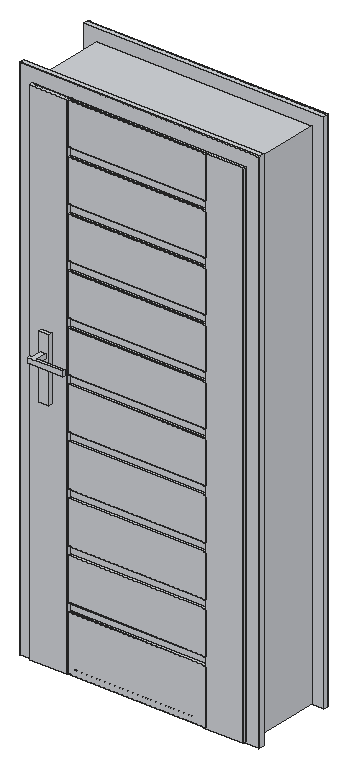
Revit family "porta_koncept_A0_osc_ps", category Drzwi, Revit 2016
Family settings
  Obiekt nadrzędny = Ściana
  Zawsze pionowo = Tak
  Tnij formami wycięć po wczytaniu = Nie
  Współdzielony = Nie
  Punkt obliczania pomieszczeń = Nie
Parameters (values of type "PN 80")
  Zakres szerokości muru [instance] = if(and(Grubość ściany > 94 mm, Grubość ściany < 120 mm), "B", (if(and(Grubość ściany > 119 mm, Grubość ściany < 140 mm), "C", (if(and(Grubość ściany > 139 mm, Grubość ściany < 160 mm), "D", (if(and(Grubość ściany > 159 mm, Grubość ściany < 180 mm), "E", (if(and(Grubość ściany > 179 mm, Grubość ściany < 200 mm), "F", (if(and(Grubość ściany > 199 mm, Grubość ściany < 220 mm), "G", (if(and(Grubość ściany > 219 mm, Grubość ściany < 240 mm), "H", (if(and(Grubość ściany > 239 mm, Grubość ściany < 260 mm), "I", (if(and(Grubość ściany > 259 mm, Grubość ściany < 280 mm), "J", (if(and(Grubość ściany > 279 mm, Grubość ściany < 301 mm), "K", "BRAK")))))))))))))))))))  # "K"
  Wysokość brutto = 2060 mm
  Szerokość brutto = 880 mm
  Model = "Koncept A0"
  Konstrukcja analityczna = "<Brak>"
  Grubość ściany [instance] = 300 mm
  Funkcja = Wewnętrzna
  URL = "www.porta.com.pl"
  Ss = 844 mm
  Sb = 846 mm
  Producent = "PORTA KMI POLAND"
  Keynote = ""
  Description = ""
  Wysokość = 2016 mm
  Zakończenie ściany = Wg obiektu nadrzędnego
  Szerokość = 800 mm
  Materiał_skrzydło [instance] = none
  Materiał_ościeżnica [instance] = none
  Materiał_klamka [instance] = none
  Informacja = "Własność Porta KMI Poland, wszelkie prawa zastrzeżone."  # constant formula
  Hs = 2030 mm
Types (6, lengths in mm): name | Szerokość brutto | Ss | Sb | Description | Szerokość
  PN 70 | 780 | 744 | 746 | "Biblioteki CAD produktów firmy PORTA KMI POLAND wraz z ich wizualizacjami są chronione prawami własności przemysłowej i intelektualnej. Można je wykorzystywać do handlowych celów osobistych poprzez zastosowanie w projektach, jednak nie wolno ich powielać, modyfikować, licencjonować ani publikować, w całości ani w części, chyba że celem przeglądania, bez uprzedniej pisemnej zgody PORTA KMI Poland. www.porta.com.pl" | 700
  PN 60 | 680 | 644 | 646 | "Biblioteki CAD produktów firmy PORTA KMI POLAND wraz z ich wizualizacjami są chronione prawami własności przemysłowej i intelektualnej. Można je wykorzystywać do handlowych celów osobistych poprzez zastosowanie w projektach, jednak nie wolno ich powielać, modyfikować, licencjonować ani publikować, w całości ani w części, chyba że celem przeglądania, bez uprzedniej pisemnej zgody PORTA KMI Poland. www.porta.com.pl" | 600
  PN 80 | 880 | 844 | 846 | "" | 800
  PN 90 | 980 | 944 | 946 | "Biblioteki CAD produktów firmy PORTA KMI POLAND wraz z ich wizualizacjami są chronione prawami własności przemysłowej i intelektualnej. Można je wykorzystywać do handlowych celów osobistych poprzez zastosowanie w projektach, jednak nie wolno ich powielać, modyfikować, licencjonować ani publikować, w całości ani w części, chyba że celem przeglądania, bez uprzedniej pisemnej zgody PORTA KMI Poland. www.porta.com.pl" | 900
  PN 100 | 1080 | 1044 | 1046 | "Biblioteki CAD produktów firmy PORTA KMI POLAND wraz z ich wizualizacjami są chronione prawami własności przemysłowej i intelektualnej. Można je wykorzystywać do handlowych celów osobistych poprzez zastosowanie w projektach, jednak nie wolno ich powielać, modyfikować, licencjonować ani publikować, w całości ani w części, chyba że celem przeglądania, bez uprzedniej pisemnej zgody PORTA KMI Poland. www.porta.com.pl" | 1000
  PN 110 | 1180 | 1144 | 1146 | "Biblioteki CAD produktów firmy PORTA KMI POLAND wraz z ich wizualizacjami są chronione prawami własności przemysłowej i intelektualnej. Można je wykorzystywać do handlowych celów osobistych poprzez zastosowanie w projektach, jednak nie wolno ich powielać, modyfikować, licencjonować ani publikować, w całości ani w części, chyba że celem przeglądania, bez uprzedniej pisemnej zgody PORTA KMI Poland. www.porta.com.pl" | 1100
Reference planes
  plane 1: y = 0
  plane 2 "Środek (Lewa/Prawa)": x = 0
  plane 3 "Lewy": x = -440
  plane 4 "Prawy": x = 440
  plane 5: z = 2060
  plane 6 "Zewnętrzna": y = 150
  plane 7 "Wewnętrzna": y = -150
  plane 8 "skrzydło": y = -144.5
Forms (mm)
  Sweep 1, solid, material <- "Materiał_ościeżnica"
    path in 3D
      loop
        line (-440, -150, 0) -> (-440, -150, 2060) -> (440, -150, 2060) -> (440, -150, 0)
    profile origin (-440, -150, 1030) x (0, -1, 0) y (1, 0, 0)
      loop
        line (-10, 39) -> (-72, 39) -> (-72, 17) -> (0, 17) -> (0, -33) -> (16, -33)
        arc (16, -33) -> (18.121, -32.121) -> (19, -30) r 3
        line (19, -30) -> (19, 24)
        arc (19, 24) -> (18.121, 26.121) -> (16, 27) r 3
        line (16, 27) -> (-10, 27) -> (-10, 39)
  Sweep 2, solid, material <- "Materiał_ościeżnica"
    path in 3D
      loop
        line (440, 150, 0) -> (440, 150, 2060) -> (-440, 150, 2060) -> (-440, 150, 0)
    profile origin (-440, 150, 1030) x (1, 0, 0) y (0, 1, 0)
      loop
        line (-33, 0) -> (17, 0) -> (17, -228) -> (39, -228) -> (39, -1)
        arc (39, -1) -> (37.536, 2.536) -> (34, 4) r 5
        line (34, 4) -> (25, 4) -> (25, 16)
        arc (25, 16) -> (24.121, 18.121) -> (22, 19) r 3
        line (22, 19) -> (-30, 19)
        arc (-30, 19) -> (-32.121, 18.121) -> (-33, 16) r 3
        line (-33, 16) -> (-33, 0)
  Sweep 3, solid, not visible
    path in 3D
      loop
        line (-440, -150, 0) -> (-440, -150, 2060)
    profile origin (-440, -150, 1030) x (0, -1, 0) y (1, 0, 0)
      loop
        line (-151, 17) -> (-149, 17) -> (-149, 19) -> (-151, 19) -> (-151, 17)
Cuts and joins
  joined: Sweep 1, Sweep 2
Lines and regions (mm)
  Opening 1
    outline origin (-3050, -150, 0) x (1, 0, 0) y (0, 0, 1)
      loop
        line (2610, 0) -> (3490, 0) -> (3490, 2060) -> (2610, 2060) -> (2610, 0)
  sketch lines
    curve 1: line (-440, -150, 0) -> (-440, -150, 2060)
    curve 2: line (-440, -150, 2060) -> (440, -150, 2060)
    curve 3: line (440, -150, 2060) -> (440, -150, 0)
    curve 4: line (-440, 150, 2060) -> (-440, 150, 0)
    curve 5: line (440, 150, 2060) -> (-440, 150, 2060)
    curve 6: line (440, 150, 0) -> (440, 150, 2060)
    curve 12: line (-440, -150, 0) -> (-440, -150, 2060)
  symbolic lines, style "DoorsPanelProjection"
    curve 7: line (422, -150, 0) -> (422, -994, 0)
    curve 8: line (422, -994, 0) -> (382, -994, 0)
    curve 9: line (382, -994, 0) -> (382, -150, 0)
    curve 10: line (382, -150, 0) -> (422, -150, 0)
  symbolic lines, style "Ugięcie rzutu"
    curve 11: arc (-422, -150, 0) -> (-174.798, -746.798, 0) -> (422, -994, 0) r 844
Text (mm)
  text "Zewnętrzna" at (-2295.016, 1099.543, 0), in view "Poziom odniesienia"
  text "Zewnętrzna" at (0, 1615.38, 3698.081), in view "Lewy"
  text "Zewnętrzna" at (0, 1036.032, 3874.932), in view "Prawy"
Dimensions and locks
  equal spacing: plane 3 "Lewy", plane 2 "Środek (Lewa/Prawa)", plane 4 "Prawy"
  "Szerokość brutto": plane 3 "Lewy" to plane 4 "Prawy"
  "Wysokość brutto": plane 5 to host wall
  host wall to plane 5 = 2060 mm  (x2)
  locked: plane 6 "Zewnętrzna" to host wall at 0
  locked: plane 7 "Wewnętrzna" to host wall
  "Sb": Sweep 1 to Sweep 1
  locked: Sweep 1 sketch curve to Sweep 1 sketch curve at 22
  Sweep 1 sketch curve to Sweep 1 sketch curve = 50 mm
  locked: Sweep 1 sketch curve to profile plane at 72
  locked: Sweep 2 sketch curve to Sweep 2 sketch curve at 50
  locked: Sweep 2 sketch curve to Sweep 2 sketch curve at 22
  locked: Sweep 2 sketch curve to plane 6 "Zewnętrzna" at 1
  locked: curve 9 to curve 7 at 40
  "Ss": curve 8 to curve 10
  equal spacing: curve 11, plane 2 "Środek (Lewa/Prawa)", curve 7
  locked: plane 7 "Wewnętrzna" to plane 8 "skrzydło" at 5.5
  locked: host wall to Sweep 3 sketch curve at 1
  locked: Sweep 3 sketch curve to host wall at 1
  locked: Sweep 3 sketch curve to plane 6 "Zewnętrzna" at 151
  locked: plane 7 "Wewnętrzna" to Sweep 3 sketch curve at 151
  equal spacing: nested 1, plane 2 "Środek (Lewa/Prawa)", nested 1
  locked: nested 1 to level at 8
  "Grubość ściany": host wall to host wall
  aligned and locked: plane 3 "Lewy" to Opening 1 sketch curve
  aligned and locked: plane 5 to Opening 1 sketch curve  (x2)
  aligned and locked: Opening 1 sketch curve to plane 4 "Prawy"
  aligned and locked: Opening 1 sketch curve to level
  aligned and locked: plane 1 to host wall
  aligned and locked: Sweep 1 to Sweep 2 sketch curve
  aligned and locked: plane 7 "Wewnętrzna" to curve 10
  aligned and locked: Sweep 3 sketch curve to cut or joined group of Sweep 1, Sweep 2
  aligned and locked: Sweep 2 sketch curve to cut or joined group of Sweep 1, Sweep 2
  aligned and locked: nested 1 to plane 8 "skrzydło"
Automatic sketch dimensions
  profile plane to Sweep 1 sketch curve = 10 mm
  Sweep 1 sketch curve to profile plane = 16 mm  (x2)
  Sweep 1 sketch curve to Sweep 1 sketch curve = 3 mm
  profile plane to Sweep 1 sketch curve = 17 mm
  Sweep 1 sketch curve to Sweep 1 sketch curve = 7 mm
  Sweep 1 sketch curve to profile plane = 0 mm
  Sweep 2 sketch curve to profile plane = 0 mm
  Sweep 2 sketch curve to profile plane = 16 mm
  Sweep 2 sketch curve to Sweep 2 sketch curve = 3 mm
  Sweep 2 sketch curve to Sweep 2 sketch curve = 5 mm
  Sweep 2 sketch curve to profile plane = 4 mm
  Sweep 2 sketch curve to Sweep 2 sketch curve = 8 mm
  curve 11 to host wall = 0 mm
  Sweep 3 sketch curve to Sweep 3 sketch curve = 2 mm
Nested families
  nested 1: "skrzydło" at (0, -151, 0), Materiał_klamka <- "Materiał_klamka", Materiał_skrzydło <- "Materiał_skrzydło", type "skrzydło"
    with Materiał_skrzydło none, Materiał_klamka none
Definition of nested family "skrzydło"
  Parameters
    Ss = 844 mm
    Materiał_skrzydło [instance] = none
    Materiał_klamka [instance] = none
    Hs = 2030 mm
  Reference planes
    plane 1 "Tył": y = 6.5
    plane 2: z = 0
    plane 3 "Środek (Lewa/Prawa)": x = 0
    plane 4 "Lewa": x = -422
    plane 5 "Prawa": x = 422
    plane 6 "Przód": y = -33.5
    plane 7: z = 2038
    plane 8 "Centrum": y = -13.5
    plane 9: x = -409
    plane 10: z = 8
    plane 11: x = 409
    plane 12: x = -272
    plane 13: x = 272
    plane 14: z = 2025
  Forms (mm)
    Extrusion 1, solid, material <- "Materiał_skrzydło"
      sketch origin (-1191.728, -1524, 8) x (-1, 0, 0) y (0, -1, 0)
        loop
          line (-1465.378, -1490.5) -> (-1612.078, -1490.5)
          arc (-1612.078, -1490.5) -> (-1613.244, -1490.983) -> (-1613.728, -1492.15) r 1.65
          line (-1613.728, -1492.15) -> (-1613.728, -1501.85)
          arc (-1613.728, -1501.85) -> (-1613.244, -1503.017) -> (-1612.078, -1503.5) r 1.65
          line (-1612.078, -1503.5) -> (-1602.078, -1503.5)
          arc (-1602.078, -1503.5) -> (-1601.123, -1503.895) -> (-1600.728, -1504.85) r 1.35
          line (-1600.728, -1504.85) -> (-1600.728, -1528.85)
          arc (-1600.728, -1528.85) -> (-1600.244, -1530.017) -> (-1599.078, -1530.5) r 1.65
          line (-1599.078, -1530.5) -> (-1465.378, -1530.5)
          arc (-1465.378, -1530.5) -> (-1464.211, -1530.017) -> (-1463.728, -1528.85) r 1.65
          line (-1463.728, -1528.85) -> (-1463.728, -1492.15)
          arc (-1463.728, -1492.15) -> (-1464.211, -1490.983) -> (-1465.378, -1490.5) r 1.65
      from 0 to 2030
    Extrusion 2, void
      sketch origin (0, 0, 0) x (0, -1, 0) y (0, 0, 1)
        loop
          line (-6.5, 2025) -> (20.5, 2025) -> (20.5, 2038) -> (-6.5, 2038) -> (-6.5, 2025)
      from -422 to 422
    Extrusion 3, solid, material <- "Materiał_skrzydło"
      sketch origin (0, 0, 0) x (0, 1, 0) y (0, 0, 1)
        loop
          line (4, 1869.65) -> (4, 2023.35)
          arc (4, 2023.35) -> (3.517, 2024.517) -> (2.35, 2025) r 1.65
          line (2.35, 2025) -> (-19.15, 2025)
          arc (-19.15, 2025) -> (-20.105, 2025.395) -> (-20.5, 2026.35) r 1.35
          line (-20.5, 2026.35) -> (-20.5, 2036.35)
          arc (-20.5, 2036.35) -> (-20.983, 2037.517) -> (-22.15, 2038) r 1.65
          line (-22.15, 2038) -> (-29.35, 2038)
          arc (-29.35, 2038) -> (-30.517, 2037.517) -> (-31, 2036.35) r 1.65
          line (-31, 2036.35) -> (-31, 1869.65)
          arc (-31, 1869.65) -> (-30.517, 1868.483) -> (-29.35, 1868) r 1.65
          line (-29.35, 1868) -> (2.35, 1868)
          arc (2.35, 1868) -> (3.517, 1868.483) -> (4, 1869.65) r 1.65
        loop
          line (2.35, 228) -> (-29.35, 228)
          arc (-29.35, 228) -> (-30.517, 227.517) -> (-31, 226.35) r 1.65
          line (-31, 226.35) -> (-31, 9.65)
          arc (-31, 9.65) -> (-30.517, 8.483) -> (-29.35, 8) r 1.65
          line (-29.35, 8) -> (-25, 8)
          arc (-25, 8) -> (-23.833, 8.483) -> (-23.35, 9.65) r 1.65
          arc (-23.35, 9.65) -> (-22.955, 10.605) -> (-22, 11) r 1.35
          line (-22, 11) -> (-5, 11)
          arc (-5, 11) -> (-4.045, 10.605) -> (-3.65, 9.65) r 1.35
          arc (-3.65, 9.65) -> (-3.167, 8.483) -> (-2, 8) r 1.65
          line (-2, 8) -> (2.35, 8)
          arc (2.35, 8) -> (3.517, 8.483) -> (4, 9.65) r 1.65
          line (4, 9.65) -> (4, 226.35)
          arc (4, 226.35) -> (3.517, 227.517) -> (2.35, 228) r 1.65
        loop
          line (2.35, 429.1) -> (-29.35, 429.1)
          arc (-29.35, 429.1) -> (-30.517, 428.617) -> (-31, 427.45) r 1.65
          line (-31, 427.45) -> (-31, 260.75)
          arc (-31, 260.75) -> (-30.517, 259.583) -> (-29.35, 259.1) r 1.65
          line (-29.35, 259.1) -> (2.35, 259.1)
          arc (2.35, 259.1) -> (3.517, 259.583) -> (4, 260.75) r 1.65
          line (4, 260.75) -> (4, 427.45)
          arc (4, 427.45) -> (3.517, 428.617) -> (2.35, 429.1) r 1.65
        loop
          line (2.35, 630.2) -> (-29.35, 630.2)
          arc (-29.35, 630.2) -> (-30.517, 629.717) -> (-31, 628.55) r 1.65
          line (-31, 628.55) -> (-31, 461.85)
          arc (-31, 461.85) -> (-30.517, 460.683) -> (-29.35, 460.2) r 1.65
          line (-29.35, 460.2) -> (2.35, 460.2)
          arc (2.35, 460.2) -> (3.517, 460.683) -> (4, 461.85) r 1.65
          line (4, 461.85) -> (4, 628.55)
          arc (4, 628.55) -> (3.517, 629.717) -> (2.35, 630.2) r 1.65
        loop
          line (2.35, 831.3) -> (-29.35, 831.3)
          arc (-29.35, 831.3) -> (-30.517, 830.817) -> (-31, 829.65) r 1.65
          line (-31, 829.65) -> (-31, 662.95)
          arc (-31, 662.95) -> (-30.517, 661.783) -> (-29.35, 661.3) r 1.65
          line (-29.35, 661.3) -> (2.35, 661.3)
          arc (2.35, 661.3) -> (3.517, 661.783) -> (4, 662.95) r 1.65
          line (4, 662.95) -> (4, 829.65)
          arc (4, 829.65) -> (3.517, 830.817) -> (2.35, 831.3) r 1.65
        loop
          line (2.35, 1032.4) -> (-29.35, 1032.4)
          arc (-29.35, 1032.4) -> (-30.517, 1031.917) -> (-31, 1030.75) r 1.65
          line (-31, 1030.75) -> (-31, 864.05)
          arc (-31, 864.05) -> (-30.517, 862.883) -> (-29.35, 862.4) r 1.65
          line (-29.35, 862.4) -> (2.35, 862.4)
          arc (2.35, 862.4) -> (3.517, 862.883) -> (4, 864.05) r 1.65
          line (4, 864.05) -> (4, 1030.75)
          arc (4, 1030.75) -> (3.517, 1031.917) -> (2.35, 1032.4) r 1.65
        loop
          line (2.35, 1233.5) -> (-29.35, 1233.5)
          arc (-29.35, 1233.5) -> (-30.517, 1233.017) -> (-31, 1231.85) r 1.65
          line (-31, 1231.85) -> (-31, 1065.15)
          arc (-31, 1065.15) -> (-30.517, 1063.983) -> (-29.35, 1063.5) r 1.65
          line (-29.35, 1063.5) -> (2.35, 1063.5)
          arc (2.35, 1063.5) -> (3.517, 1063.983) -> (4, 1065.15) r 1.65
          line (4, 1065.15) -> (4, 1231.85)
          arc (4, 1231.85) -> (3.517, 1233.017) -> (2.35, 1233.5) r 1.65
        loop
          line (2.35, 1434.6) -> (-29.35, 1434.6)
          arc (-29.35, 1434.6) -> (-30.517, 1434.117) -> (-31, 1432.95) r 1.65
          line (-31, 1432.95) -> (-31, 1266.25)
          arc (-31, 1266.25) -> (-30.517, 1265.083) -> (-29.35, 1264.6) r 1.65
          line (-29.35, 1264.6) -> (2.35, 1264.6)
          arc (2.35, 1264.6) -> (3.517, 1265.083) -> (4, 1266.25) r 1.65
          line (4, 1266.25) -> (4, 1432.95)
          arc (4, 1432.95) -> (3.517, 1434.117) -> (2.35, 1434.6) r 1.65
        loop
          line (2.35, 1635.7) -> (-29.35, 1635.7)
          arc (-29.35, 1635.7) -> (-30.517, 1635.217) -> (-31, 1634.05) r 1.65
          line (-31, 1634.05) -> (-31, 1467.35)
          arc (-31, 1467.35) -> (-30.517, 1466.183) -> (-29.35, 1465.7) r 1.65
          line (-29.35, 1465.7) -> (2.35, 1465.7)
          arc (2.35, 1465.7) -> (3.517, 1466.183) -> (4, 1467.35) r 1.65
          line (4, 1467.35) -> (4, 1634.05)
          arc (4, 1634.05) -> (3.517, 1635.217) -> (2.35, 1635.7) r 1.65
        loop
          line (2.35, 1836.8) -> (-29.35, 1836.8)
          arc (-29.35, 1836.8) -> (-30.517, 1836.317) -> (-31, 1835.15) r 1.65
          line (-31, 1835.15) -> (-31, 1668.45)
          arc (-31, 1668.45) -> (-30.517, 1667.283) -> (-29.35, 1666.8) r 1.65
          line (-29.35, 1666.8) -> (2.35, 1666.8)
          arc (2.35, 1666.8) -> (3.517, 1667.283) -> (4, 1668.45) r 1.65
          line (4, 1668.45) -> (4, 1835.15)
          arc (4, 1835.15) -> (3.517, 1836.317) -> (2.35, 1836.8) r 1.65
      from -272 to 272
    Extrusion 4, solid, material <- "Materiał_skrzydło"
      sketch origin (-892.016, -13.5, 1200) x (-1, 0, 0) y (0, 0, 1)
        loop
          line (-620.016, -972) -> (-620.016, 668) -> (-1164.016, 668) -> (-1164.016, -972) -> (-620.016, -972)
      from -6 to 6
    Extrusion 5, solid, material <- "Materiał_skrzydło"
      sketch origin (-1191.728, -1524, 8) x (-1, 0, 0) y (0, -1, 0)
        loop
          arc (-918.078, -1490.5) -> (-919.244, -1490.983) -> (-919.728, -1492.15) r 1.65
          line (-919.728, -1492.15) -> (-919.728, -1528.85)
          arc (-919.728, -1528.85) -> (-919.244, -1530.017) -> (-918.078, -1530.5) r 1.65
          line (-918.078, -1530.5) -> (-784.378, -1530.5)
          arc (-784.378, -1530.5) -> (-783.211, -1530.017) -> (-782.728, -1528.85) r 1.65
          line (-782.728, -1528.85) -> (-782.728, -1504.85)
          arc (-782.728, -1504.85) -> (-782.332, -1503.895) -> (-781.378, -1503.5) r 1.35
          line (-781.378, -1503.5) -> (-771.378, -1503.5)
          arc (-771.378, -1503.5) -> (-770.211, -1503.017) -> (-769.728, -1501.85) r 1.65
          line (-769.728, -1501.85) -> (-769.728, -1492.15)
          arc (-769.728, -1492.15) -> (-770.211, -1490.983) -> (-771.378, -1490.5) r 1.65
          line (-771.378, -1490.5) -> (-918.078, -1490.5)
      from 0 to 2030
  Cuts and joins
    Extrusion 2 cuts Extrusion 1
    Extrusion 2 cuts Extrusion 5
  Dimensions and locks
    equal spacing: plane 4 "Lewa", plane 3 "Środek (Lewa/Prawa)", plane 5 "Prawa"
    "Ss": plane 4 "Lewa" to plane 5 "Prawa"
    locked: plane 4 "Lewa" to plane 9 at 13
    locked: plane 10 to level at 8
    "Hs": plane 7 to plane 10
    locked: plane 5 "Prawa" to plane 11 at 13
    locked: plane 9 to nested 1 at 35
    locked: nested 1 to plane 10 at 934
    locked: plane 10 to nested 2 at 934
    equal spacing: plane 6 "Przód", plane 8 "Centrum", plane 1 "Tył"
    locked: plane 7 to plane 14 at 13
    locked: plane 12 to plane 4 "Lewa" at 150
    locked: plane 5 "Prawa" to plane 13 at 150
    locked: plane 1 "Tył" to Extrusion 2 sketch curve at 27
    aligned and locked: nested 1 to plane 6 "Przód"
    aligned and locked: plane 5 "Prawa" to Extrusion 1 sketch curve
    aligned and locked: Extrusion 1 sketch curve to plane 11
    aligned and locked: Extrusion 1 sketch curve to plane 1 "Tył"
    aligned and locked: Extrusion 1 sketch curve to plane 6 "Przód"
    aligned and locked: Extrusion 1 sketch curve to plane 13
    aligned and locked: plane 7 to Extrusion 1
    aligned and locked: Extrusion 2 sketch curve to plane 14
    aligned and locked: Extrusion 2 sketch curve to plane 1 "Tył"
    aligned and locked: plane 7 to Extrusion 2 sketch curve
    aligned and locked: Extrusion 2 to plane 4 "Lewa"
    aligned and locked: plane 5 "Prawa" to Extrusion 2
    aligned and locked: Extrusion 3 to plane 12
    aligned and locked: plane 13 to Extrusion 3
    aligned and locked: Extrusion 3 to Extrusion 4 sketch curve  (x2)
    aligned and locked: plane 4 "Lewa" to Extrusion 5 sketch curve
    aligned and locked: Extrusion 5 sketch curve to plane 12
    aligned and locked: plane 7 to Extrusion 5
    aligned and locked: nested 2 to nested 1
  Automatic sketch dimensions
    Extrusion 1 sketch curve to Extrusion 1 sketch curve = 1.65 mm  (x4)
    Extrusion 1 sketch curve to Extrusion 1 sketch curve = 1.35 mm
    Extrusion 1 sketch curve to Extrusion 1 sketch curve = 10 mm
    plane 1 "Tył" to Extrusion 1 sketch curve = 25.65 mm
    Extrusion 5 sketch curve to Extrusion 5 sketch curve = 1.65 mm  (x4)
    Extrusion 5 sketch curve to Extrusion 5 sketch curve = 1.35 mm
    Extrusion 5 sketch curve to Extrusion 5 sketch curve = 10 mm
    Extrusion 5 sketch curve to Extrusion 5 sketch curve = 0 mm
    plane 6 "Przód" to Extrusion 5 sketch curve = 40 mm
    Extrusion 5 sketch curve to Extrusion 5 sketch curve = 24 mm
    Extrusion 5 sketch curve to Extrusion 5 sketch curve = 9.7 mm
    Extrusion 3 sketch curve to plane 7 = 0 mm
    Extrusion 3 sketch curve to plane 10 = 0 mm  (x2)
    Extrusion 3 sketch curve to plane 14 = 0 mm
    plane 6 "Przód" to Extrusion 3 sketch curve = 2.5 mm  (x10)
    Extrusion 3 sketch curve to Extrusion 3 sketch curve = 1.65 mm  (x31)
    Extrusion 3 sketch curve to Extrusion 3 sketch curve = 4.35 mm
    Extrusion 3 sketch curve to Extrusion 3 sketch curve = 0 mm  (x2)
    Extrusion 3 sketch curve to Extrusion 3 sketch curve = 7.2 mm
    Extrusion 3 sketch curve to Extrusion 3 sketch curve = 1.35 mm
    plane 14 to Extrusion 3 sketch curve = 1.35 mm
    Extrusion 3 sketch curve to plane 8 "Centrum" = 7 mm
    plane 10 to Extrusion 3 sketch curve = 1.65 mm
    plane 8 "Centrum" to Extrusion 3 sketch curve = 8.5 mm
    plane 1 "Tył" to Extrusion 3 sketch curve = 4.15 mm  (x20)
    Extrusion 3 sketch curve to Extrusion 3 sketch curve = 215.35 mm
    Extrusion 3 sketch curve to Extrusion 3 sketch curve = 31.1 mm  (x8)
    Extrusion 3 sketch curve to Extrusion 3 sketch curve = 166.7 mm  (x8)
    Extrusion 3 sketch curve to Extrusion 3 sketch curve = 31.2 mm
    plane 10 to Extrusion 4 sketch curve = 220 mm
    Extrusion 4 sketch curve to plane 14 = 157 mm
  Nested families
    nested 1: "KLAMKA" at (-354, -33.5, 1067), Materiał klamki <- "Materiał_klamka", type "KLAMKA"
      with Materiał klamki none
    nested 2: "KLAMKA" at (-354, 6.5, 1067), Materiał klamki <- "Materiał_klamka", type "KLAMKA"
      with Materiał klamki none
  Definition of nested family "KLAMKA"
    Parameters
      Materiał klamki [instance] = none
      Assembly Code = ""
      Default Elevation = 1219.2 mm
    Reference planes
      plane 1 "Center (Front/Back)": y = 0
      plane 2: z = 0
      plane 3 "Center (Left/Right)": x = 0
      plane 4: z = 125
      plane 5: z = -125
      plane 6: x = 20
      plane 7: x = -20
      plane 8: y = -70
      plane 9: y = -60
      plane 10: x = 10
      plane 11: x = -10
      plane 12: x = 120
      plane 13: z = 35
      plane 14: z = 55
      plane 15: y = -15
    Forms (mm)
      Extrusion 1, solid, material <- "Materiał klamki"
        sketch origin (0, 0, 0) x (1, 0, 0) y (0, 0, 1)
          loop
            line (-20, 125) -> (-20, -125) -> (20, -125) -> (20, 125) -> (-20, 125)
        from 0 to 15
      Extrusion 2, solid, material <- "Materiał klamki"
        sketch origin (0, 0, 0) x (1, 0, 0) y (0, 1, 0)
          loop
            line (-10, -15) -> (-10, -60) -> (-20, -60) -> (-20, -70) -> (120, -70) -> (120, -60) -> (10, -60) -> (10, -15) -> (-10, -15)
        from 35 to 55
    Dimensions and locks
      equal spacing: plane 4, plane 2, plane 5
      plane 4 to plane 5 = 250 mm
      equal spacing: plane 7, plane 3 "Center (Left/Right)", plane 6
      plane 7 to plane 6 = 40 mm
      plane 8 to plane 1 "Center (Front/Back)" = 70 mm
      plane 11 to plane 3 "Center (Left/Right)" to plane 10 = 10 mm locked, 10 mm locked
      plane 7 to plane 12 = 140 mm
      plane 15 to plane 1 "Center (Front/Back)" = 15 mm
      aligned and locked: plane 7 to Extrusion 1 sketch curve
      aligned and locked: Extrusion 1 sketch curve to plane 4
      aligned and locked: plane 5 to Extrusion 1 sketch curve
      aligned and locked: Extrusion 1 sketch curve to plane 6
      aligned and locked: plane 15 to Extrusion 1
      aligned and locked: Extrusion 1 to plane 1 "Center (Front/Back)"
      aligned and locked: plane 14 to Extrusion 2
      aligned and locked: Extrusion 2 to plane 13
    Automatic sketch dimensions
      Extrusion 2 sketch curve to plane 7 = 0 mm
      Extrusion 2 sketch curve to plane 9 = 0 mm  (x2)
      Extrusion 2 sketch curve to plane 11 = 0 mm
      Extrusion 2 sketch curve to plane 10 = 0 mm
      Extrusion 2 sketch curve to plane 12 = 0 mm
      Extrusion 2 sketch curve to plane 8 = 0 mm
      Extrusion 2 sketch curve to plane 15 = 0 mm
